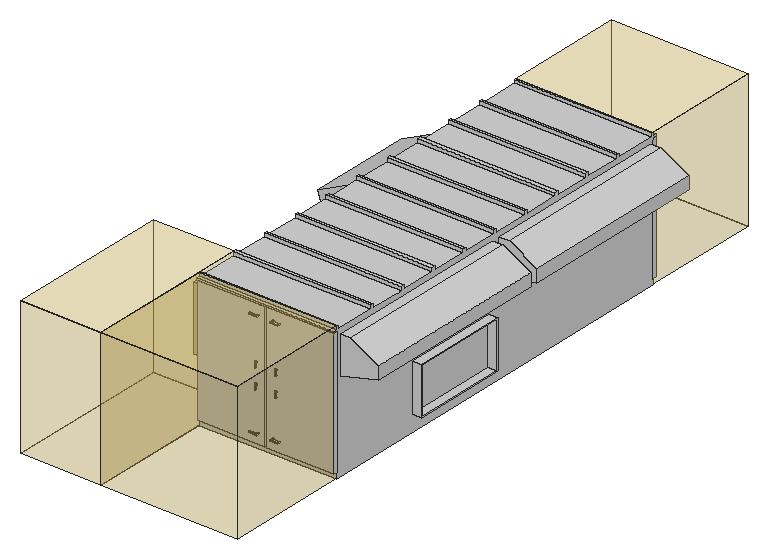
Revit family "Ventilator-RenewAire-Energy-Recovery-LE10XRTF", category Mechanical Equipment, Revit 2015
Parameters (values of type "10.0 HP 208-230 Three Phase")
  Voltage = "208-230"
  Ventilation Type = "Static Plate, Heat and Humidity Transfer"
  Unit Width = "205-1/2\""
  Unit Weight - Modular = "1,493-2,057 lbs."
  Unit Weight - Assembled = "3,031-3,993 lbs"
  Unit Length = "111-1/4\""
  Unit Height = "71-1/4\""
  Unit = Metal - RenewAire - Anodized - Gray Text
  URL = "www.renewaire.com"
  Typical Airflow Range = "2,500-11,000 CFM"
  Standard Features = "TEFC Premium efficiency motors, Motor starters, Non-fused disconnect, 24 VAC transformer/relay package, Rubber vibration isolators"
  Shipping Weight - Assembled = "4,433 lbs."
  Service Area Visibility = yes
  Service Area Box = Interference - RenewAire - Smooth - Light - Gold
  Revit Object Download Link = ""
  Phase = "Three"
  Options = "Integrated programmable controls, Fused disconnect, Double wall construction, Factory supplied and mounted variable frequency drives (VFDs) - one or both airstreams, Class 1 low-leakage motorized isolation dampers - OA, RA or both airstreams, Qty. 2 Factory mounted filter alarms, Exterior Paint - white, custom colors, Spring Vibration Isolators"
  Number Motors = "Qty. 2, Belt drive blower/ standard motor packages with choice of adjustable sheaves for low, medium or high blower speed"
  Model = "LE10XRTF"
  Minimum Circuit Amps = "60.8A"
  Maximum Overcurrent Protection = "80A"
  Max. Shipping Height - Modular = "78\""
  Max. Shipping Width - Assembled = "90\""
  Max. Shipping Weight - Module 2 = "2,245 lbs."
  Max. Shipping Weight - Module 1 = "2,277 lbs."
  Max. Shipping Width - Modular = "90\""
  Max. Shipping Length - Assembled = "240\""
  Max. Shipping Length - Modular = "120\""
  Max. Shipping Height - Assembled = "78\""
  Manufacturer = "RenewAire LLC"
  Frequency = "60 HZ"
  FLA per Motor = "27.0-24.4"
  Description = "Energy Recovery Ventilator"
  Connector Base Material = Glass - With - Transparency
  Accessories = "Filters - MERV 13, 2\" or 4\"; MERV 8, 4\"  (shipped loose), Roof curb - standard 14\", Curb wind clip,  Digital time clock - wall mount(TC7D-W), in exterior enclosure (TC7D-E), Motion occupancy control - ceiling mount(MC-C), wall mount(MC-W), Carbon Dioxide control - duct mount(CO2-D), wall mount (CO2-W), Electric duct heater – EK series (1-60 kW), EH series (61-175 kW); designed for indoor ductwork installation only, Indirect gas-fired duct furnace - GH series (50-400 MBH), installed downstream of any fans"
  AHRI 1060 Certified Core = "Ten L125-G5"
Types (14): name | Voltage | Phase | Minimum Circuit Amps | Maximum Overcurrent Protection | FLA per Motor | Accessories
  (no name) | "208-230" | "Three" | "60.8A" | "80A" | "27.0-24.4" | "Filters - MERV 13, 2\" or 4\"; MERV 8, 4\"  (shipped loose), Roof curb - standard 14\", Curb wind clip,  Digital time clock - wall mount(TC7D-W), in exterior enclosure (TC7D-E), Motion occupancy control - ceiling mount(MC-C), wall mount(MC-W), Carbon Dioxide control - duct mount(CO2-D), wall mount (CO2-W), Electric duct heater – EK series (1-60 kW), EH series (61-175 kW); designed for indoor ductwork installation only, Indirect gas-fired duct furnace - GH series (50-400 MBH), installed downstream of any fans"
  3.0 HP 208-230V Single Phase | "208-230" | "Single" | "33.1 A" | "40 A" | "14.7 - 14" | "Filters - MERV 13, 2\" or 4\"; MERV 8, 4\"  (shipped loose), Roof curb - standard 14\", Curb wind clip,  Digital time clock - wall mount(TC7D-W), in exterior enclosure (TC7D-E), Motion occupancy control - ceiling mount(MC-C), wall mount(MC-W), Carbon Dioxide control - duct mount(CO2-D), wall mount (CO2-W), Electric duct heater – EK series (1-60 kW), EH series (61-175 kW); designed for indoor ductwork installation only, Indirect gas-fired duct furnace - GH series (50-400 MBH), installed downstream of any fans"
  3.0 HP 208-230V Three Phase | "208-230" | "Three" | "21.1 A" | "25 A" | "9.38-8.48" | "Filters - MERV 13, 2\" or 4\"; MERV 8, 4\"  (shipped loose), Roof curb - standard 14\", Curb wind clip,  Digital time clock - wall mount(TC7D-W), in exterior enclosure (TC7D-E), Motion occupancy control - ceiling mount(MC-C), wall mount(MC-W), Carbon Dioxide control - duct mount(CO2-D), wall mount (CO2-W), Electric duct heater – EK series (1-60 kW), EH series (61-175 kW); designed for indoor ductwork installation only, Indirect gas-fired duct furnace - GH series (50-400 MBH), installed downstream of any fans"
  3.0 HP 460V Three Phase | "460" | "Three" | "9.5 A" | "15 A" | "4.24" | "Filters - MERV 13, 2\" or 4\"; MERV 8, 4\"  (shipped loose), Roof curb - standard 14\", Curb wind clip,  Digital time clock - wall mount(TC7D-W), in exterior enclosure (TC7D-E), Motion occupancy control - ceiling mount(MC-C), wall mount(MC-W), Carbon Dioxide control - duct mount(CO2-D), wall mount (CO2-W), Electric duct heater – EK series (1-60 kW), EH series (61-175 kW); designed for indoor ductwork installation only, Indirect gas-fired duct furnace - GH series (50-400 MBH), installed downstream of any fans"
  3.0 HP 575V Three Phase | "575" | "Three" | "7.4 A" | "15 A" | "3.3" | "Filters - MERV 13, 2\" or 4\"; MERV 8, 4\"  (shipped loose), Roof curb - standard 14\", Curb wind clip,  Digital time clock - wall mount(TC7D-W), in exterior enclosure (TC7D-E), Motion occupancy control - ceiling mount(MC-C), wall mount(MC-W), Carbon Dioxide control - duct mount(CO2-D), wall mount (CO2-W), Electric duct heater – EK series (1-60 kW), EH series (61-175 kW); designed for indoor ductwork installation only, Indirect gas-fired duct furnace - GH series (50-400 MBH), installed downstream of any fans"
  5.0 HP 208-230V Three Phase | "208-230" | "Three" | "32.6 A" | "45 A" | "14.5-13.4" | "Filters - MERV 13, 2\" or 4\"; MERV 8, 4\"  (shipped loose), Roof curb - standard 14\", Curb wind clip,  Digital time clock - wall mount(TC7D-W), in exterior enclosure (TC7D-E), Motion occupancy control - ceiling mount(MC-C), wall mount(MC-W), Carbon Dioxide control - duct mount(CO2-D), wall mount (CO2-W), Electric duct heater – EK series (1-60 kW), EH series (61-175 kW); designed for indoor ductwork installation only, Indirect gas-fired duct furnace - GH series (50-400 MBH), installed downstream of any fans"
  5.0 HP 460V Three Phase | "460" | "Three" | "15.1 A" | "20 A" | "6.7" | "Filters - MERV 13, 2\" or 4\"; MERV 8, 4\"  (shipped loose), Roof curb - standard 14\", Curb wind clip,  Digital time clock - wall mount(TC7D-W), in exterior enclosure (TC7D-E), Motion occupancy control - ceiling mount(MC-C), wall mount(MC-W), Carbon Dioxide control - duct mount(CO2-D), wall mount (CO2-W), Electric duct heater – EK series (1-60 kW), EH series (61-175 kW); designed for indoor ductwork installation only, Indirect gas-fired duct furnace - GH series (50-400 MBH), installed downstream of any fans"
  5.0 HP 575V Three Phase | "575" | "Three" | "11.9 A" | "15 A" | "5.3" | "Filters - MERV 13, 2\" or 4\"; MERV 8, 4\"  (shipped loose), Roof curb - standard 14\", Curb wind clip,  Digital time clock - wall mount(TC7D-W), in exterior enclosure (TC7D-E), Motion occupancy control - ceiling mount(MC-C), wall mount(MC-W), Carbon Dioxide control - duct mount(CO2-D), wall mount (CO2-W), Electric duct heater – EK series (1-60 kW), EH series (61-175 kW); designed for indoor ductwork installation only, Indirect gas-fired duct furnace - GH series (50-400 MBH), installed downstream of any fans"
  7.5 HP 208-230V Three Phase | "208-230" | "Three" | "47.3 A" | "60 A" | "21.0-19.0" | "Filters - MERV 13, 2\" or 4\"; MERV 8, 4\"  (shipped loose), Roof curb - standard 14\", Curb wind clip,  Digital time clock - wall mount(TC7D-W), in exterior enclosure (TC7D-E), Motion occupancy control - ceiling mount(MC-C), wall mount(MC-W), Carbon Dioxide control - duct mount(CO2-D), wall mount (CO2-W), Electric duct heater – EK series (1-60 kW), EH series (61-175 kW); designed for indoor ductwork installation only, Indirect gas-fired duct furnace - GH series (50-400 MBH), installed downstream of any fans\r\nFilters - MERV 13, 2\" or 4\"; MERV 8, 4\"  (shipped loose), Roof curb - standard 14\", Curb wind clip, Engineered combo curb for Carrier RTU, Engineered combo curb for Trane RTU, Digital time clock - wall mount(TC7D-W), in exterior enclosure (TC7D-E), Motion occupancy control - ceiling mount(MC-C), wall mount(MC-W), Carbon Dioxide control - duct mount(CO2-D), wall mount (CO2-W), Electric duct heater – EK series (1-60 kW); designed for indoor ductwork installation only, EH series (61-175 kW), Indirect gas-fired duct furnace - GH series (50-400 MBH), installed downstream of any fans"
  7.5 HP 460V Three Phase | "460" | "Three" | "21.4 A" | "25 A" | "9.5" | "Filters - MERV 13, 2\" or 4\"; MERV 8, 4\"  (shipped loose), Roof curb - standard 14\", Curb wind clip,  Digital time clock - wall mount(TC7D-W), in exterior enclosure (TC7D-E), Motion occupancy control - ceiling mount(MC-C), wall mount(MC-W), Carbon Dioxide control - duct mount(CO2-D), wall mount (CO2-W), Electric duct heater – EK series (1-60 kW), EH series (61-175 kW); designed for indoor ductwork installation only, Indirect gas-fired duct furnace - GH series (50-400 MBH), installed downstream of any fans"
  7.5 HP 575V Three Phase | "575" | "Three" | "17.1 A" | "20 A" | "7.6" | "Filters - MERV 13, 2\" or 4\"; MERV 8, 4\"  (shipped loose), Roof curb - standard 14\", Curb wind clip,  Digital time clock - wall mount(TC7D-W), in exterior enclosure (TC7D-E), Motion occupancy control - ceiling mount(MC-C), wall mount(MC-W), Carbon Dioxide control - duct mount(CO2-D), wall mount (CO2-W), Electric duct heater – EK series (1-60 kW), EH series (61-175 kW); designed for indoor ductwork installation only, Indirect gas-fired duct furnace - GH series (50-400 MBH), installed downstream of any fans"
  10.0 HP 208-230 Three Phase | "208-230" | "Three" | "60.8A" | "80A" | "27.0-24.4" | "Filters - MERV 13, 2\" or 4\"; MERV 8, 4\"  (shipped loose), Roof curb - standard 14\", Curb wind clip,  Digital time clock - wall mount(TC7D-W), in exterior enclosure (TC7D-E), Motion occupancy control - ceiling mount(MC-C), wall mount(MC-W), Carbon Dioxide control - duct mount(CO2-D), wall mount (CO2-W), Electric duct heater – EK series (1-60 kW), EH series (61-175 kW); designed for indoor ductwork installation only, Indirect gas-fired duct furnace - GH series (50-400 MBH), installed downstream of any fans"
  10.0 HP 460 Three Phase | "460" | "Three" | "27.5A" | "35A" | "12.2" | "Filters - MERV 13, 2\" or 4\"; MERV 8, 4\"  (shipped loose), Roof curb - standard 14\", Curb wind clip,  Digital time clock - wall mount(TC7D-W), in exterior enclosure (TC7D-E), Motion occupancy control - ceiling mount(MC-C), wall mount(MC-W), Carbon Dioxide control - duct mount(CO2-D), wall mount (CO2-W), Electric duct heater – EK series (1-60 kW), EH series (61-175 kW); designed for indoor ductwork installation only, Indirect gas-fired duct furnace - GH series (50-400 MBH), installed downstream of any fans"
  10.0 HP 575 Three Phase | "575" | "Three" | "22.0A" | "30A" | "9.76" | "Filters - MERV 13, 2\" or 4\"; MERV 8, 4\"  (shipped loose), Roof curb - standard 14\", Curb wind clip,  Digital time clock - wall mount(TC7D-W), in exterior enclosure (TC7D-E), Motion occupancy control - ceiling mount(MC-C), wall mount(MC-W), Carbon Dioxide control - duct mount(CO2-D), wall mount (CO2-W), Electric duct heater – EK series (1-60 kW), EH series (61-175 kW); designed for indoor ductwork installation only, Indirect gas-fired duct furnace - GH series (50-400 MBH), installed downstream of any fans"
Reference planes (in)
  plane 1 "Center (Front/Back)": y = 0
  plane 2: z = 0
  plane 3 "Center (Left/Right)": x = 0
Forms (in)
  Extrusion 1, solid, material "Metal - RenewAire - Anodized - Gray Text"
    sketch origin (-0.48313, -45.9375, 75.0345) x (1, 0, 0) y (0, 0, -1)
      loop
        circle (-3.25, 67.0345) r 0.25
    from -56.3125 to -55.5625
  Extrusion 2, solid, material "Metal - RenewAire - Anodized - Gray Text"
    sketch origin (-0.48313, -45.9375, 75.0345) x (0, 1, 0) y (0, 0, -1)
      loop
        line (-56.3125, 67.2845) -> (-57.1875, 67.2845) -> (-57.1875, 66.7845) -> (-56.3125, 66.7845) -> (-56.3125, 67.2845)
    from 2.95437 to 7.02735
  Extrusion 3, solid, material "Metal - RenewAire - Anodized - Gray Text"
    sketch origin (-0.4375, -45.9375, 128.569) x (1, 0, 0) y (0, 0, -1)
      loop
        circle (-3.25, 67.0345) r 0.25
    from -56.3125 to -55.5625
  Extrusion 4, solid, material "Metal - RenewAire - Anodized - Gray Text"
    sketch origin (-0.48313, -45.9375, 128.569) x (0, 1, 0) y (0, 0, -1)
      loop
        line (-56.3125, 67.2845) -> (-57.1875, 67.2845) -> (-57.1875, 66.7845) -> (-56.3125, 66.7845) -> (-56.3125, 67.2845)
    from 2.95437 to 7.02735
  Extrusion 5, solid, material "Interference - RenewAire - Smooth - Light - Gold", visible <- "Service Area Visibility"
    sketch origin (19.25, -40, 0) x (1, 0, 0) y (0, 1, 0)
      loop
        line (-53.875, -38.125) -> (-94.8125, -38.125) -> (-94.8125, -122.25) -> (-53.875, -122.25) -> (-53.875, -38.125)
    from 0 to 69.25
  Extrusion 6, solid, material "Interference - RenewAire - Smooth - Light - Gold", visible <- "Service Area Visibility"
    sketch origin (0, -85.75, 0) x (1, 0, 0) y (0, 1, 0)
      loop
        line (34.625, -14.25) -> (-34.625, -14.25) -> (-34.625, -76.5) -> (34.625, -76.5) -> (34.625, -14.25)
    from 0 to 69.25
  Extrusion 7, solid, material "Metal - RenewAire - Anodized - Gray Text"
    sketch origin (0, 0, 0) x (0, 1, 0) y (0, 0, 1)
      loop
        line (99.25, 67.5) -> (78.35, 67.5) -> (78.35, 69.25) -> (76.85, 69.25) -> (76.85, 67.5) -> (58.95, 67.5) -> (58.95, 69.25) -> (57.45, 69.25) -> (57.45, 67.5) -> (39.55, 67.5) -> (39.55, 69.25) -> (38.05, 69.25) -> (38.05, 67.5) -> (20.15, 67.5) -> (20.15, 69.25) -> (18.65, 69.25) -> (18.65, 67.5) -> (0.75, 67.5) -> (0.75, 69.25) -> (-0.75, 69.25) -> (-0.75, 67.5) -> (-18.65, 67.5) -> (-18.65, 69.25) -> (-20.15, 69.25) -> (-20.15, 67.5) -> (-38.05, 67.5) -> (-38.05, 69.25) -> (-39.55, 69.25) -> (-39.55, 67.5) -> (-57.525, 67.5) -> (-57.525, 69.25) -> (-59.025, 69.25) -> (-59.025, 67.5) -> (-76.925, 67.5) -> (-76.925, 69.25) -> (-78.425, 69.25) -> (-78.425, 67.5) -> (-99.25, 67.5) -> (-99.25, 69.25) -> (-100, 69.25) -> (-100, 67.75) -> (-102, 67.75) -> (-102, 67) -> (-100, 67) -> (-100, 0) -> (100, 0) -> (100, 67) -> (102, 67) -> (102, 67.75) -> (100, 67.75) -> (100, 69.25) -> (99.25, 69.25) -> (99.25, 67.5)
    from -34.625 to 34.625
  Extrusion 8, solid, material "Interference - RenewAire - Smooth - Light - Gold", visible <- "Service Area Visibility"
    sketch origin (0, 7.34732, 0) x (1, 0, 0) y (0, 1, 0)
      loop
        line (34.625, 152.90268) -> (-34.625, 152.90268) -> (-34.625, 92.65268) -> (34.625, 92.65268) -> (34.625, 152.90268)
    from 0 to 69.25
  Extrusion 9, solid, material "Metal - RenewAire - Anodized - Gray Text"
    sketch origin (0, 0, 0) x (1, 0, 0) y (0, 0, 1)
      loop
        line (-34.625, 66.5) -> (-34.625, 3) -> (-0.5625, 3) -> (-0.5625, 66.5) -> (-34.625, 66.5)
    from 100 to 101.5
  Extrusion 10, solid, material "Metal - RenewAire - Anodized - Gray Text"
    sketch origin (-6.80202, 0, 0) x (1, 0, 0) y (0, 0, 1)
      loop
        line (7.36452, 66.5) -> (7.36452, 3) -> (41.42702, 3) -> (41.42702, 66.5) -> (7.36452, 66.5)
    from 100 to 101.5
  Extrusion 11, solid, material "Metal - RenewAire - Anodized - Gray Text"
    sketch origin (0, 0, 0) x (1, 0, 0) y (0, 0, 1)
      loop
        line (-34.625, 66.5) -> (-34.625, 3) -> (-0.5625, 3) -> (-0.5625, 66.5) -> (-34.625, 66.5)
    from -101.5 to -100
  Extrusion 12, solid, material "Metal - RenewAire - Anodized - Gray Text"
    sketch origin (-6.80202, 0, 0) x (1, 0, 0) y (0, 0, 1)
      loop
        line (7.36452, 66.5) -> (7.36452, 3) -> (41.42702, 3) -> (41.42702, 66.5) -> (7.36452, 66.5)
    from -101.5 to -100
  Extrusion 13, solid, material "Metal - RenewAire - Anodized - Gray Text"
    sketch origin (0, -40, 0) x (0, 1, 0) y (0, 0, 1)
      loop
        line (-38.125, 62) -> (-57.5, 62) -> (-57.5, 29.625) -> (-38.125, 29.625) -> (-38.125, 62)
    from -39.5625 to -34.625
  Extrusion 14, solid, material "Metal - RenewAire - Anodized - Gray Text"
    sketch origin (0, -40, 0) x (0, 1, 0) y (0, 0, 1)
      loop
        line (-49, 43.625) -> (-51.5, 43.625) -> (-51.5, 41.125) -> (-49, 41.125) -> (-49, 43.625)
    from -39.8125 to -39.5625
  Extrusion 15, solid, material "Metal - RenewAire - Anodized - Gray Text"
    sketch origin (0, -40, 0) x (0, 1, 0) y (0, 0, 1)
      loop
        circle (-50.24745, 42.375) r 1
    from -40.8125 to -39.8125
  Extrusion 16, solid, material "Metal - RenewAire - Anodized - Gray Text"
    sketch origin (0.48313, -45.9375, 75.0345) x (-1, 0, 0) y (0, 0, 1)
      loop
        circle (-3.25, -67.0345) r 0.25
    from -56.3125 to -55.5625
  Extrusion 17, solid, material "Metal - RenewAire - Anodized - Gray Text"
    sketch origin (0.48313, -45.9375, 75.0345) x (0, 1, 0) y (0, 0, 1)
      loop
        line (-56.3125, -67.2845) -> (-56.3125, -66.7845) -> (-57.1875, -66.7845) -> (-57.1875, -67.2845) -> (-56.3125, -67.2845)
    from 2.95437 to 7.02735
  Extrusion 18, solid, material "Metal - RenewAire - Anodized - Gray Text"
    sketch origin (0.4375, -45.9375, 128.569) x (-1, 0, 0) y (0, 0, 1)
      loop
        circle (-3.25, -67.0345) r 0.25
    from -56.3125 to -55.5625
  Extrusion 19, solid, material "Metal - RenewAire - Anodized - Gray Text"
    sketch origin (0.48313, -45.9375, 128.569) x (0, 1, 0) y (0, 0, 1)
      loop
        line (-56.3125, -67.2845) -> (-56.3125, -66.7845) -> (-57.1875, -66.7845) -> (-57.1875, -67.2845) -> (-56.3125, -67.2845)
    from 2.95437 to 7.02735
  Extrusion 20, solid, material "Metal - RenewAire - Anodized - Gray Text"
    sketch origin (-0.48313, 45.9375, 75.0345) x (1, 0, 0) y (0, 0, 1)
      loop
        circle (-3.25, -67.0345) r 0.25
    from -56.3125 to -55.5625
  Extrusion 21, solid, material "Metal - RenewAire - Anodized - Gray Text"
    sketch origin (-0.48313, 45.9375, 75.0345) x (0, -1, 0) y (0, 0, 1)
      loop
        line (-56.3125, -67.2845) -> (-56.3125, -66.7845) -> (-57.1875, -66.7845) -> (-57.1875, -67.2845) -> (-56.3125, -67.2845)
    from 2.95437 to 7.02735
  Extrusion 22, solid, material "Metal - RenewAire - Anodized - Gray Text"
    sketch origin (-0.4375, 45.9375, 128.569) x (1, 0, 0) y (0, 0, 1)
      loop
        circle (-3.25, -67.0345) r 0.25
    from -56.3125 to -55.5625
  Extrusion 23, solid, material "Metal - RenewAire - Anodized - Gray Text"
    sketch origin (-0.48313, 45.9375, 128.569) x (0, -1, 0) y (0, 0, 1)
      loop
        line (-56.3125, -67.2845) -> (-56.3125, -66.7845) -> (-57.1875, -66.7845) -> (-57.1875, -67.2845) -> (-56.3125, -67.2845)
    from 2.95437 to 7.02735
  Extrusion 24, solid, material "Metal - RenewAire - Anodized - Gray Text"
    sketch origin (0.48313, 45.9375, 75.0345) x (-1, 0, 0) y (0, 0, -1)
      loop
        circle (-3.25, 67.0345) r 0.25
    from -56.3125 to -55.5625
  Extrusion 25, solid, material "Metal - RenewAire - Anodized - Gray Text"
    sketch origin (0.48313, 45.9375, 75.0345) x (0, -1, 0) y (0, 0, -1)
      loop
        line (-56.3125, 67.2845) -> (-57.1875, 67.2845) -> (-57.1875, 66.7845) -> (-56.3125, 66.7845) -> (-56.3125, 67.2845)
    from 2.95437 to 7.02735
  Extrusion 26, solid, material "Metal - RenewAire - Anodized - Gray Text"
    sketch origin (0.4375, 45.9375, 128.569) x (-1, 0, 0) y (0, 0, -1)
      loop
        circle (-3.25, 67.0345) r 0.25
    from -56.3125 to -55.5625
  Extrusion 27, solid, material "Metal - RenewAire - Anodized - Gray Text"
    sketch origin (0.48313, 45.9375, 128.569) x (0, -1, 0) y (0, 0, -1)
      loop
        line (-56.3125, 67.2845) -> (-57.1875, 67.2845) -> (-57.1875, 66.7845) -> (-56.3125, 66.7845) -> (-56.3125, 67.2845)
    from 2.95437 to 7.02735
  Extrusion 28, solid, material "Metal - RenewAire - Anodized - Gray Text"
    sketch origin (0, -16.625, 0.25) x (0, 1, 0) y (0, 0, 1)
      loop
        line (-36, 32.5) -> (-36, 8.5) -> (12, 8.5) -> (12, 32.5) -> (-36, 32.5)
      loop
        line (-35.75, 32.25) -> (-35.75, 8.75) -> (11.75, 8.75) -> (11.75, 32.25) -> (-35.75, 32.25)
    from 34.625 to 39.625
  Extrusion 29, void
    sketch origin (0, 0, 0) x (1, 0, 0) y (0, 1, 0)
      loop
        line (-26.75, -5.375) -> (-26.75, -53.375) -> (-7.75, -53.375) -> (-7.75, -5.375) -> (-26.75, -5.375)
    from -2.22657 to 4.75
  Extrusion 30, solid, material "Metal - RenewAire - Anodized - Gray Text"
    sketch origin (0, 0, 0.25) x (1, 0, 0) y (0, 0, 1)
      loop
        line (-34.625, 64.375) -> (-56.875, 53.375) -> (-51.875, 37) -> (-34.625, 37) -> (-34.625, 64.375)
    from -55.375 to -2.75
  Extrusion 31, solid, material "Metal - RenewAire - Anodized - Gray Text"
    sketch origin (0, 0, 0) x (1, 0, 0) y (0, 0, 1)
      loop
        line (34.625, 65) -> (34.625, 46) -> (54.25, 51) -> (54.25, 57.5) -> (40.375, 65) -> (34.625, 65)
    from 2 to 98
  Extrusion 32, solid, material "Metal - RenewAire - Anodized - Gray Text"
    sketch origin (0, 0, 0) x (1, 0, 0) y (0, 0, 1)
      loop
        line (34.625, 65) -> (34.625, 46) -> (54.25, 51) -> (54.25, 57.5) -> (40.375, 65) -> (34.625, 65)
    from -98 to -2
  Extrusion 33, void
    sketch origin (0, 0, 0) x (1, 0, 0) y (0, 1, 0)
      loop
        line (-34.125, 98.75) -> (-34.125, -99) -> (34.125, -99) -> (34.125, 98.75) -> (-34.125, 98.75)
    from -1.04043 to 4.625
Cuts and joins
  Extrusion 29, Extrusion 33 cuts Extrusion 7
Dimensions and locks (in)
  aligned and locked: level to plane 2
  aligned and locked: Extrusion 6 to Extrusion 10
  aligned and locked: Extrusion 6 to Extrusion 12
  aligned and locked: Extrusion 6 to Extrusion 7  (x2)
Nested families (in)
  nested 1: "Monitoring Port" at (-5.0625, -101.5, 27.071), type "Monitoring Port"
  nested 2: "Monitoring Port" at (-5.0625, -101.5, 37.1055), type "Monitoring Port"
  nested 3: "Monitoring Port" at (5.0625, -101.5, 27.071) x (-1, 0, 0) z (0, 0, 1), type "Monitoring Port"
  nested 4: "Monitoring Port" at (5.0625, -101.5, 37.1055) x (-1, 0, 0) z (0, 0, 1), type "Monitoring Port"
  nested 5: "Monitoring Port" at (-5.0625, 101.5, 27.071), type "Monitoring Port"
  nested 6: "Monitoring Port" at (-5.0625, 101.5, 37.1055), type "Monitoring Port"
  nested 7: "Monitoring Port" at (5.0625, 101.5, 27.071) x (-1, 0, 0) z (0, 0, 1), type "Monitoring Port"
  nested 8: "Monitoring Port" at (5.0625, 101.5, 37.1055) x (-1, 0, 0) z (0, 0, 1), type "Monitoring Port"
Connectors (in)
  hvac at (39.625, -28.625, 20.75)
    settings: on Extrusion 28, index 1, duct flow 0 CFM, flow factor 0, pres drop 0.00 in-wg, loss coef 0, conn angle 0.00°, conn width 48", conn height 24", conn diameter 24", duct sys type 2, conn prof type 1, flow config 0, flow direction 1, loss method 0, conn ref index -1, conn util no, is conn primary yes, conn desc "RA (Return Air)"
  hvac at (-17.25, -29.375, 4.75)
    settings: on cut or joined group of Extrusion 7, Extrusion 29, Extrusion 33, index 4, duct flow 0 CFM, flow factor 0, pres drop 0.00 in-wg, loss coef 0, conn angle 0.00°, conn width 48", conn height 19", conn diameter 24", duct sys type 1, conn prof type 1, flow config 0, flow direction 2, loss method 0, conn ref index -1, conn util no, is conn primary no, conn desc "FA (Fresh Air)"
Definition of nested family "Monitoring Port"
  Parameters (values of type "Monitoring Port")
    URL = "www.renewaire.com"
    Revit Object Download Link = ""
    Model = ""
    Manufacturer = "RenewAire LLC"
    Description = "Monitoring Ports"
  Reference planes (in)
    plane 1 "Center (Front/Back)": y = 0
    plane 2: z = 0
    plane 3 "Center (Left/Right)": x = 0
  Forms (in)
    Extrusion 1, solid
      sketch origin (-9.43348, 0, 37.76669) x (-1, 0, 0) y (0, 0, -1)
        loop
          line (-9.53348, 35.65895) -> (-9.94097, 35.42369) -> (-9.94097, 34.83769) -> (-9.43348, 34.54469) -> (-8.92599, 34.83769) -> (-8.92599, 35.42369) -> (-9.33348, 35.65895) -> (-9.33348, 37.28756)
          arc (-9.33348, 37.28756) -> (-9.43348, 37.76669) -> (-9.53348, 37.28756) r 0.25
          line (-9.53348, 37.28756) -> (-9.53348, 35.65895)
      from 0 to 0.25
  Dimensions and locks (in)
    aligned and locked: level to plane 2
